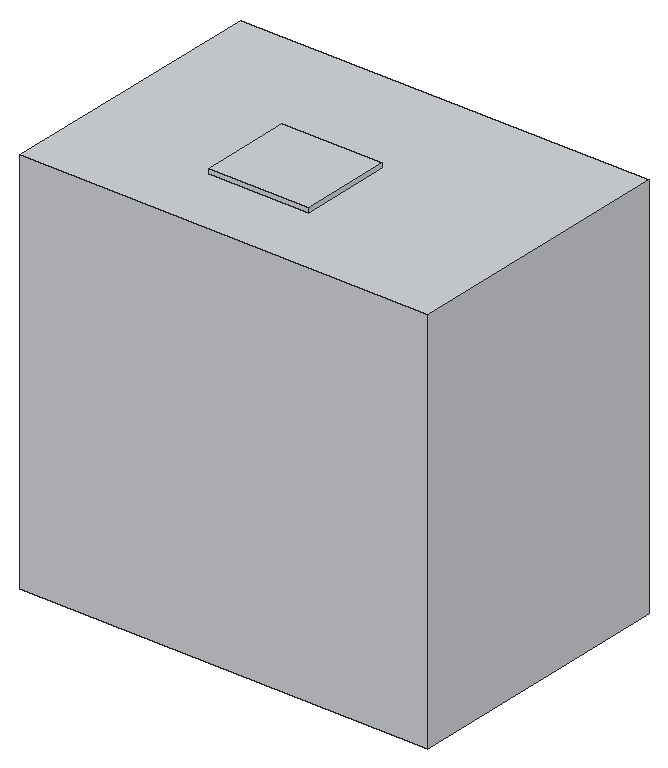
Revit family "M_Ar condicionado - Pacote vertical - Resfriado a água - 70-387 kW", category Equipamento mecânico, Revit 2019
Family settings
  Cota do conector redondo = Usar raio
  Tipo de parte = Normal
  Número OmniClass = 23.75.10.24.21.27.11
  Título OmniClass = Packaged Air Conditioners
  ID de item do Seek = Air Conditioner - Vertical Packaged - Water Cooled - 70-387 kW-0000-CAN-ENU
  Com base no plano de trabalho = Não
  Sempre na vertical = Sim
  Corte com vazios quando carregada = Não
  Compartilhado = Não
  Ponto de cálculo do ambiente = Não
Parameters (values of type "70 kW")
  Voltagem = 460 V
  Visibilidade = no
  Queda de pressão [instance] = 16437.1 Pa
  Raio da saída = 32 mm
  Diâmetro da saída = Raio da saída * 2  # 64 mm
  Número de pólos = 3
  Material da unidade = none
  Classificação de carga = Refrigeração
  Raio da embocadura = 32 mm
  Diâmetro da embocadura = Raio da embocadura * 2  # 64 mm
  Fluxo [instance] = 3.79 L/s
  Largura do duto 2 = 2100 mm
  Largura do duto 1 = 600 mm
  Altura do duto 2 = 1500 mm
  Altura do duto 1 = 550 mm
  Largura do condicionador = 1651 mm
  Comprimento do condicionador = 2447.9 mm
  Altura do condicionador = 2327.3 mm
  Raio da condensação = 15 mm
  Diâmetro da condensação = Raio da condensação * 2  # 30 mm
  C6 Deslocamento 2 = 596.9 mm
  C6 Deslocamento 1 = 203.2 mm
  C5 Deslocamento 2 = 685.8 mm
  C5 Deslocamento 1 = 800.1 mm
  C4 Deslocamento 2 = 120.7 mm
  C4 Deslocamento 1 = 101.6 mm
  C3 Deslocamento 2 = 120.7 mm
  C3 Deslocamento 1 = 847.7 mm
  C2 Deslocamento 2 = 425.5 mm
  C2 Deslocamento 1 = 431.8 mm
  C1 Deslocamento 2 = 444.5 mm
  C1 Deslocamento 1 = 127 mm
  Carga aparente = 37285 VA
  Fluxo de ar [instance] = 3775.58 L/s
Types (18, lengths in mm): name | Visibilidade | Queda de pressão | Raio da saída | Diâmetro da saída | Raio da embocadura | Diâmetro da embocadura | Fluxo | Largura do duto 2 | Largura do duto 1 | Altura do duto 2 | Altura do duto 1 | Largura do condicionador | Comprimento do condicionador | Altura do condicionador | Raio da condensação | Diâmetro da condensação | C6 Deslocamento 2 | C6 Deslocamento 1 | C5 Deslocamento 2 | C5 Deslocamento 1 | C4 Deslocamento 2 | C4 Deslocamento 1 | C3 Deslocamento 2 | C3 Deslocamento 1 | C2 Deslocamento 2 | C2 Deslocamento 1 | C1 Deslocamento 2 | C1 Deslocamento 1 | Carga aparente | Fluxo de ar
  (no name) | no | 16437.1 Pa | 32 | 64 | 32 | 64 | 3.79 L/s | 2100 | 600 | 1500 | 550 | 1651 | 2447.9 | 2327.3 | 15 | 30 | 596.9 | 203.2 | 685.8 | 800.1 | 120.7 | 101.6 | 120.7 | 847.7 | 425.5 | 431.8 | 444.5 | 127 | 37285 VA | 3775.58 L/s
  70 kW | no | 16437.1 Pa | 32 | 64 | 32 | 64 | 3.79 L/s | 2100 | 600 | 1500 | 550 | 1651 | 2447.9 | 2327.3 | 15 | 30 | 596.9 | 203.2 | 685.8 | 800.1 | 120.7 | 101.6 | 120.7 | 847.7 | 425.5 | 431.8 | 444.5 | 127 | 37285 VA | 3775.58 L/s
  148 kW | no | 83688.6 Pa | 40 | 80 | 40 | 80 | 7.95 L/s | 2650 | 850 | 1800 | 800 | 2041.5 | 3060.7 | 2235.2 | 15 | 30 | 362 | 203.2 | 800.1 | 1112.5 | 146.1 | 127 | 123.8 | 1241.4 | 247.7 | 641.4 | 235 | 152.4 | 67113 VA | 7928.72 L/s
  316 kW | yes | 89666.3 Pa | 50 | 100 | 50 | 100 | 14.2 L/s | 3250 | 850 | 1800 | 900 | 2044.7 | 3556 | 2273.3 | 20 | 40 | 374.7 | 149.2 | 731.5 | 1407.1 | 120.7 | 101.6 | 374.7 | 847.7 | 323.9 | 127 | 349.3 | 431.8 | 111855 VA | 14158.4 L/s
  77 kW | no | 22414.9 Pa | 32 | 64 | 32 | 64 | 4.16 L/s | 2100 | 600 | 1500 | 550 | 1651 | 2447.9 | 2327.3 | 15 | 30 | 596.9 | 203.2 | 685.8 | 800.1 | 120.7 | 101.6 | 120.7 | 847.7 | 425.5 | 431.8 | 444.5 | 127 | 37285 VA | 4153.14 L/s
  88 kW | no | 29888.8 Pa | 32 | 64 | 32 | 64 | 4.73 L/s | 2100 | 600 | 1500 | 550 | 1651 | 2447.9 | 2327.3 | 15 | 30 | 596.9 | 203.2 | 685.8 | 800.1 | 120.7 | 101.6 | 120.7 | 847.7 | 425.5 | 431.8 | 444.5 | 127 | 37285 VA | 4719.47 L/s
  102 kW | no | 50814.4 Pa | 32 | 64 | 32 | 64 | 5.49 L/s | 2200 | 600 | 1500 | 500 | 1651 | 2447.9 | 2327.3 | 15 | 30 | 596.9 | 203.2 | 589.3 | 810.2 | 120.7 | 101.6 | 120.7 | 847.7 | 425.5 | 431.8 | 444.5 | 127 | 41013.5 VA | 5474.59 L/s
  113 kW | no | 65755.3 Pa | 32 | 64 | 32 | 64 | 6.06 L/s | 2200 | 600 | 1500 | 500 | 1651 | 2447.9 | 2327.3 | 15 | 30 | 596.9 | 203.2 | 589.3 | 810.2 | 120.7 | 101.6 | 120.7 | 847.7 | 425.5 | 431.8 | 444.5 | 127 | 41013.5 VA | 6040.93 L/s
  123 kW | no | 74725.4 Pa | 32 | 64 | 32 | 64 | 6.62 L/s | 2100 | 650 | 1500 | 650 | 1651 | 2447.9 | 2327.3 | 15 | 30 | 596.9 | 203.2 | 541 | 774.7 | 120.7 | 101.6 | 120.7 | 847.7 | 425.5 | 431.8 | 444.5 | 127 | 41013.5 VA | 6607.26 L/s
  134 kW | no | 101628.7 Pa | 32 | 64 | 32 | 64 | 7.19 L/s | 2100 | 650 | 1500 | 650 | 1651 | 2447.9 | 2327.3 | 15 | 30 | 596.9 | 203.2 | 541 | 774.7 | 120.7 | 101.6 | 120.7 | 847.7 | 425.5 | 431.8 | 444.5 | 127 | 41013.5 VA | 7173.6 L/s
  162 kW | no | 107606.5 Pa | 40 | 80 | 40 | 80 | 8.71 L/s | 2650 | 850 | 1800 | 800 | 2041.5 | 3060.7 | 2235.2 | 15 | 30 | 362 | 203.2 | 800.1 | 1112.5 | 146.1 | 127 | 123.8 | 1241.4 | 247.7 | 641.4 | 235 | 152.4 | 67113 VA | 8683.83 L/s
  183 kW | no | 89666.3 Pa | 40 | 80 | 40 | 80 | 9.84 L/s | 2650 | 850 | 1800 | 800 | 2041.5 | 3060.7 | 2235.2 | 15 | 30 | 362 | 203.2 | 800.1 | 1112.5 | 146.1 | 127 | 123.8 | 1241.4 | 247.7 | 641.4 | 235 | 152.4 | 82027 VA | 9816.51 L/s
  204 kW | no | 110591.9 Pa | 40 | 80 | 40 | 80 | 10.98 L/s | 2650 | 850 | 1800 | 800 | 2041.5 | 3060.7 | 2235.2 | 15 | 30 | 362 | 203.2 | 800.1 | 1112.5 | 146.1 | 127 | 123.8 | 1241.4 | 247.7 | 641.4 | 235 | 152.4 | 82027 VA | 10949.2 L/s
  229 kW | no | 125539.7 Pa | 40 | 80 | 40 | 80 | 12.3 L/s | 2650 | 850 | 1800 | 900 | 2041.5 | 3060.7 | 2235.2 | 15 | 30 | 362 | 203.2 | 726.5 | 1104.9 | 146.1 | 127 | 123.8 | 1241.4 | 247.7 | 641.4 | 235 | 152.4 | 82027 VA | 12270.6 L/s
  253 kW | no | 137495.2 Pa | 40 | 80 | 40 | 80 | 13.63 L/s | 2650 | 850 | 1800 | 900 | 2041.5 | 3060.7 | 2235.2 | 15 | 30 | 362 | 203.2 | 726.5 | 1104.9 | 146.1 | 127 | 123.8 | 1241.4 | 247.7 | 641.4 | 235 | 152.4 | 82027 VA | 13592.1 L/s
  281 kW | no | 155428.5 Pa | 40 | 80 | 40 | 80 | 15.14 L/s | 2650 | 850 | 1800 | 900 | 2041.5 | 3060.7 | 2235.2 | 15 | 30 | 362 | 203.2 | 726.5 | 1104.9 | 146.1 | 127 | 123.8 | 1241.4 | 247.7 | 641.4 | 235 | 152.4 | 82027 VA | 14064.0 L/s
  352 kW | yes | 101628.7 Pa | 50 | 100 | 50 | 100 | 15.77 L/s | 3250 | 850 | 1800 | 900 | 2044.7 | 3556 | 2273.3 | 20 | 40 | 374.7 | 149.2 | 731.5 | 1407.1 | 120.7 | 101.6 | 374.7 | 847.7 | 323.9 | 127 | 349.3 | 431.8 | 111855 VA | 15102.3 L/s
  387 kW | yes | 92658.6 Pa | 50 | 100 | 50 | 100 | 15.77 L/s | 3250 | 850 | 1800 | 900 | 2044.7 | 3556 | 2273.3 | 20 | 40 | 374.7 | 149.2 | 731.5 | 1407.1 | 120.7 | 101.6 | 374.7 | 847.7 | 323.9 | 127 | 349.3 | 431.8 | 111855 VA | 15102.3 L/s
Reference planes
  plane 1 "Centro (Frente/Trás)": y = 0
  plane 2: z = 0
  plane 3 "Centro (Esquerda/Direita)": x = 0
  plane 4: y = -1651
  plane 5: z = 2327.3
  plane 6: x = 2447.9
  plane 7: y = 146.05
  plane 8: x = 149.225
  plane 9: x = 3406.775
  plane 10: x = 101.6
  plane 11: y = -1530.3
  plane 12: z = 374.65
  plane 13: z = 2178.05
  plane 14: z = 444.5
  plane 15: z = 120.7
  plane 16: y = -127
  plane 17: y = -431.8
  plane 18: z = 425.5
  plane 19: y = -847.7
  plane 20: x = -25.4
  plane 21: x = 800.1
  plane 22: x = 1400.1
  plane 23: y = -685.8
  plane 24: y = -1235.8
  plane 25: z = 2352.7
  plane 26: y = 25.4
Forms (mm)
  Extrusion 1, solid, material <- "Material da unidade"
    sketch origin (0, 0, 0) x (0, 1, 0) y (0, 0, 1)
      loop
        line (0, 2327.3) -> (-1651, 2327.3) -> (-1651, 0) -> (0, 0) -> (0, 2327.3)
    from 0 to 2447.9
  Extrusion 2, solid, material <- "Material da unidade"
    sketch origin (0, 0, 0) x (1, 0, 0) y (0, 1, 0)
      loop
        circle (101.6, -1530.3) r 12.7
    from 2178.05 to 2327.3
  Extrusion 3, solid, material <- "Material da unidade"
    sketch origin (0, 0, 0) x (0, 1, 0) y (0, 0, 1)
      loop
        circle (-127, 444.5) r 15
    from -25.4 to 0
  Extrusion 4, solid, material <- "Material da unidade"
    sketch origin (0, 0, 0) x (0, 1, 0) y (0, 0, 1)
      loop
        circle (-431.8, 425.5) r 32
    from -25.4 to 0
  Extrusion 5, solid, material <- "Material da unidade"
    sketch origin (0, 0, 0) x (0, 1, 0) y (0, 0, 1)
      loop
        circle (-847.7, 120.7) r 32
    from -25.4 to 0
  Extrusion 6, solid
    sketch origin (0, 0, 0) x (1, 0, 0) y (0, 1, 0)
      loop
        line (800.1, -685.8) -> (800.1, -1235.8) -> (1400.1, -1235.8) -> (1400.1, -685.8) -> (800.1, -685.8)
    from 2327.3 to 2352.7
  Extrusion 7, solid
    sketch origin (0, 0, 0) x (1, 0, 0) y (0, 0, 1)
      loop
        line (2303.2, 2096.9) -> (203.2, 2096.9) -> (203.2, 596.9) -> (2303.2, 596.9) -> (2303.2, 2096.9)
    from -25.4 to 0
Cuts and joins
  joined: Extrusion 1, Extrusion 2, Extrusion 3, Extrusion 4
Dimensions and locks
  "Largura do condicionador": plane 1 "Centro (Frente/Trás)" to plane 4
  "Altura do condicionador": plane 5 to plane 2
  "Comprimento do condicionador": plane 3 "Centro (Esquerda/Direita)" to plane 6
  locked: plane 7 to Extrusion 1 at 146.05
  locked: plane 3 "Centro (Esquerda/Direita)" to plane 8 at 149.225
  locked: plane 8 to plane 9 at 3257.55
  "C4 Deslocamento 1": plane 3 "Centro (Esquerda/Direita)" to plane 10
  "C4 Deslocamento 2": plane 11 to plane 4
  locked: plane 12 to plane 2 at 374.65
  locked: plane 13 to plane 12 at 1803.4
  "C1 Deslocamento 2": plane 14 to plane 2
  "C3 Deslocamento 2": plane 15 to plane 2
  "C1 Deslocamento 1": plane 1 "Centro (Frente/Trás)" to plane 16
  "C2 Deslocamento 1": plane 1 "Centro (Frente/Trás)" to plane 17
  "C2 Deslocamento 2": plane 18 to plane 2
  "C3 Deslocamento 1": plane 1 "Centro (Frente/Trás)" to plane 19
  locked: plane 20 to plane 3 "Centro (Esquerda/Direita)" at 25.4
  "C5 Deslocamento 1": plane 3 "Centro (Esquerda/Direita)" to plane 21
  "Largura do duto 1": plane 21 to plane 22
  "C5 Deslocamento 2": plane 23 to plane 1 "Centro (Frente/Trás)"
  "Altura do duto 1": plane 23 to plane 24
  locked: plane 25 to plane 5 at 25.4
  "C6 Deslocamento 2": plane 2 to Extrusion 7 sketch curve
  "C6 Deslocamento 1": Extrusion 7 sketch curve to plane 3 "Centro (Esquerda/Direita)"
  "Largura do duto 2": Extrusion 7 sketch curve to Extrusion 7 sketch curve
  "Altura do duto 2": Extrusion 7 sketch curve to Extrusion 7 sketch curve
  locked: plane 1 "Centro (Frente/Trás)" to plane 26 at 25.4
  radius of Extrusion 2 sketch curve = 12.7 mm
  "Raio da condensação": radius of Extrusion 3 sketch curve
  "Raio da embocadura": radius of Extrusion 4 sketch curve
  "Raio da saída": radius of Extrusion 5 sketch curve
  aligned and locked: plane 1 "Centro (Frente/Trás)" to Extrusion 1 sketch curve
  aligned and locked: plane 5 to Extrusion 1 sketch curve
  aligned and locked: plane 4 to Extrusion 1 sketch curve
  aligned and locked: plane 2 to Extrusion 1 sketch curve
  aligned and locked: Extrusion 1 to plane 3 "Centro (Esquerda/Direita)"
  aligned and locked: Extrusion 1 to plane 6
  aligned and locked: plane 11 to Extrusion 2 sketch curve
  aligned and locked: plane 10 to Extrusion 2 sketch curve
  aligned and locked: plane 5 to Extrusion 2
  aligned and locked: plane 13 to Extrusion 2
  aligned and locked: plane 14 to Extrusion 3 sketch curve
  aligned and locked: plane 16 to Extrusion 3 sketch curve
  aligned and locked: plane 18 to Extrusion 4 sketch curve
  aligned and locked: plane 17 to Extrusion 4 sketch curve
  aligned and locked: plane 15 to Extrusion 5 sketch curve
  aligned and locked: plane 19 to Extrusion 5 sketch curve
  aligned and locked: Extrusion 4 to plane 20
  aligned and locked: Extrusion 3 to plane 20
  aligned and locked: Extrusion 5 to plane 20
  aligned and locked: plane 3 "Centro (Esquerda/Direita)" to Extrusion 4
  aligned and locked: plane 3 "Centro (Esquerda/Direita)" to Extrusion 3
  aligned and locked: plane 3 "Centro (Esquerda/Direita)" to Extrusion 5
  aligned and locked: plane 21 to Extrusion 6 sketch curve
  aligned and locked: Extrusion 6 sketch curve to plane 23
  aligned and locked: plane 24 to Extrusion 6 sketch curve
  aligned and locked: Extrusion 6 sketch curve to plane 22
  aligned and locked: Extrusion 6 to plane 5
  aligned and locked: plane 25 to Extrusion 6
  aligned and locked: plane 1 "Centro (Frente/Trás)" to Extrusion 7
  aligned and locked: plane 26 to Extrusion 7
Connectors
  piping at (-25.4, -127, 444.5), diameter 30, driven by "Raio da condensação"
    settings: on Extrusion 3, index 1, connector inside diameter 30 mm, connector length 0 mm, flow factor 0, pipe flow 0.0 L/s, pressure drop 0.0 Pa, fitting loss kfactor 0, connector angle 0.00°, fixture units 0, engagement length 0 mm, angle of deflection 0.00°, flow configuration 1, flow direction 2, fitting loss method 0, system type 16, joint type 0, gender type 0, connector reference index -1, connector utility 0, adjustable connector yes, is connector primary yes, connector description "Saída da drenagem"
  piping at (-25.4, -431.8, 425.5), diameter 64, driven by "Raio da embocadura", driven by "Fluxo"
    settings: on Extrusion 4, index 2, connector inside diameter 64 mm, connector length 0 mm, flow factor 0, pipe flow 3.79 L/s, pressure drop 0.0 Pa, fitting loss kfactor 0, connector angle 0.00°, fixture units 0, engagement length 0 mm, angle of deflection 0.00°, flow configuration 1, flow direction 1, fitting loss method 4, system type 7, joint type 0, gender type 0, connector reference index 3, connector utility 0, adjustable connector no, is connector primary no, connector description "Entrada de água"
  piping at (-25.4, -847.7, 120.7), diameter 64, driven by "Fluxo", driven by "Queda de pressão", driven by "Raio da saída"
    settings: on Extrusion 5, index 3, connector inside diameter 64 mm, connector length 0 mm, flow factor 0, pipe flow 3.79 L/s, pressure drop 16437.1 Pa, fitting loss kfactor 0, connector angle 0.00°, fixture units 0, engagement length 0 mm, angle of deflection 0.00°, flow configuration 1, flow direction 2, fitting loss method 4, system type 8, joint type 0, gender type 0, connector reference index 2, connector utility 0, adjustable connector no, is connector primary no, connector description "Saída de água"
  electrical at (101.6, -1530.3, 2327.3), driven by "Carga aparente", driven by "Voltagem", driven by "Número de pólos", driven by "Classificação de carga"
    settings: on Extrusion 2, index 4, voltage 460 V, apparent load 37285 VA, apparent load phase1 0 VA, apparent load phase2 0 VA, apparent load phase3 0 VA, power factor 0.8, load classification "Refrigeração", number of poles 3, system type 30, power factor state 1, is connector primary yes, connector utility no, sub classification motor no, connector description ""
  hvac at (1100.1, -960.8, 2352.7), driven by "Fluxo de ar", driven by "Altura do duto 1", driven by "Largura do duto 1"
    settings: on Extrusion 6, index 5, duct flow 3775.58 L/s, flow factor 0, pres drop 0.0 Pa, loss coef 0, conn angle 0.00°, conn width 600 mm, conn height 550 mm, conn diameter 609.6 mm, duct sys type 1, conn prof type 1, flow config 0, flow direction 2, loss method 0, conn ref index 6, conn util no, is conn primary yes, conn desc ""
  hvac at (1253.2, 25.4, 1346.9), driven by "Altura do duto 2", driven by "Largura do duto 2", driven by "Fluxo de ar"
    settings: on Extrusion 7, index 6, duct flow 3775.58 L/s, flow factor 0, pres drop 0.0 Pa, loss coef 0, conn angle 0.00°, conn width 2100 mm, conn height 1500 mm, conn diameter 609.6 mm, duct sys type 2, conn prof type 1, flow config 0, flow direction 1, loss method 0, conn ref index 5, conn util no, is conn primary no, conn desc ""
